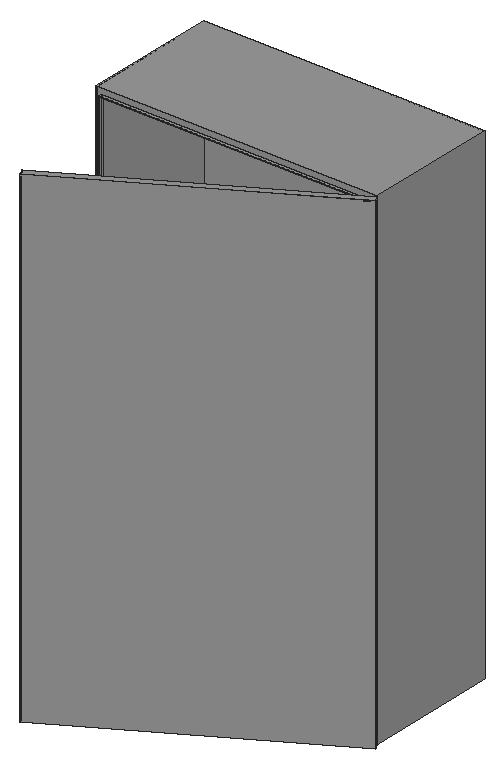
Revit family "Hager-Univers-IP55-D400-H1400-Cl.II-Steel_encl-NoHosted-BE-en", category Equipement électrique, Revit 2020
Family settings
  Configuration du panneau = Deux colonnes, circuits au sein
  Cote de connecteur circulaire = Utiliser le diamètre
  Type d'élément = Tableau de raccordement
  Basée sur le plan de construction = Oui
  Toujours verticalement = Oui
  Couper avec des vides une fois chargée = Non
  Partagée = Non
  Point de calcul de pièce = Non
Parameters (values of type "Surface mounted (plaster) IP55 W800 H1400 D400  - FR93H")
  Width Control [instance] = if([EF000008 - Width] > Min Width, [EF000008 - Width], Min Width)  # 800 mm
  Commentaires du type = [HG000003 - Range]  # "Univers"
  Thickness Door [instance] = if([EF009171 - Material plate thickness door/cover] > 3 mm, 3 mm, [EF009171 - Material plate thickness door/cover])  # 1.5 mm
  Seal Frame Offset [instance] = 17 mm  # constant formula
  Plinth Visibility [instance] = [HG000027 - Plinth height] > 0 mm  # no
  Min Width [instance] = 100 mm  # constant formula
  Min Depth [instance] = (2 * [EF009170 - Material plate thickness cabinet]) + 1 mm  # 4 mm
  Min Height [instance] = 100 mm  # constant formula
  Internal Frame Depth [instance] = (Door System Depth * 0.5)  # 9 mm
  Panel Name [instance] = ""  # (empty or 0)
  Model = ""
  HG000027 - Plinth height = 0 mm
  HG000026 - Floor standing = no
  HG000024 - Bottom section height = 600 mm
  HG000023 - Double section enclosure = no
  HG000016 - Door 3d visibility [instance] = yes
  HG000015 - Clearance visibility [instance] = no
  HG000014 - Door on the right [instance] = yes
  HG000013 - Door on the left [instance] = not([HG000014 - Door on the right])  # no
  HG000012 - Door swing angle [instance] = 30.00°
  HG000010 - Asymmetric doors = no
  HG000009 - Double swing door = no
  HG000006 - Flush mounted = no
  HG000004 - Manufacturer reference = "FR93H"
  HG000003 - Range = "Univers"
  HG000002 - With door or cover = yes
  Frame Offset Bottom [instance] = 10 mm  # constant formula
  Frame Offset [instance] = 15 mm  # constant formula
  EF015940 - Cover with overpressure release = no
  EF011959 - Degree of protection (NEMA) = ""
  EF009554 - Number of openings for flange plates = 6
  EF009212 - Cover model = "EV000116 - Closed"
  EF009171 - Material plate thickness door/cover = 1.5 mm
  EF009170 - Material plate thickness cabinet = 1.5 mm
  EF008873 - Nominal current (In) = 800 A
  EF007800 - Suitable for lightning protection = no
  EF006306 - With lock = no
  EF006244 - Transparent cover/door = no
  EF005474 - Degree of protection (IP) = "EV006420 - IP55"
  EF004464 - Type of door = "EV002646 - Single"
  EF004427 - Number of modules = 324
  EF004293 - Impact strength = "EV008784 - IK10"
  EF003532 - Suitable for outdoor use = no
  EF002950 - Width in number of modular spacings = 24
  EF001613 - Circuit integrity = "EV000494 - None"
  EF001596 - Material housing = "EV000179 - Steel"
  EF001131 - Internal depth = 400 mm
  EF001088 - Extension possible = yes
  EF000437 - Number of conduit inlets = 6
  EF000339 - Type of cover = "EV004216 - Door"
  EF000266 - Number of rows = 9
  EF000218 - Built-in depth = 0 mm
  EF000118 - With mounting plate = no
  EF000116 - RAL-number = "7035"
  EF000049 - Depth = 400 mm
  EF000040 - Height = 1400 mm
  EF000008 - Width = 800 mm
  EF000007 - Colour = "EV000270 - Grey"
  EF000003 - Mounting method = "EV000384 - Surface mounted (plaster)"
  Door System Leaf Tolerance [instance] = 1.5 mm  # constant formula
  Door System Depth [instance] = 18 mm  # constant formula
  Door Height [instance] = Height Control - [HG000027 - Plinth height]  # 1400 mm
  Description = ""
  Default Elevation = 1219.2 mm
  Connector Offset [instance] = Height Control / 2  # 700 mm
  Fabricant = "Hager"  # constant formula
  Height Control [instance] = if([EF000040 - Height] > Min Height, [EF000040 - Height], Min Height)  # 1400 mm
  Depth Control [instance] = if([EF000049 - Depth] > Min Depth, [EF000049 - Depth], Min Depth)  # 400 mm
  Bottom Top Plate Trim [instance] = 1.5 mm  # constant formula
  Plinth height Ctrl [instance] = if([HG000027 - Plinth height] > 0 mm, [HG000027 - Plinth height], 12 mm)  # 12 mm
Types (3, lengths in mm): name | Width Control | HG000009 - Double swing door | HG000004 - Manufacturer reference | EF009554 - Number of openings for flange plates | EF004464 - Type of door | EF004427 - Number of modules | EF000437 - Number of conduit inlets | EF000008 - Width
  Surface mounted (plaster) IP55 W1050 H1400 D400  - FR94H | 1050 | yes | "FR94H" | 8 | "EV003602 - Double" | 432 | 8 | 1050
  Surface mounted (plaster) IP55 W550 H1400 D400  - FR92H | 550 | no | "FR92H" | 4 | "EV002646 - Single" | 216 | 4 | 550
  Surface mounted (plaster) IP55 W800 H1400 D400  - FR93H | 800 | no | "FR93H" | 6 | "EV002646 - Single" | 324 | 6 | 800
Reference planes
  plane 1 "Center (Front/Back)": y = 0
  plane 2: z = 0
  plane 3 "Center (Left/Right)": x = 0
  plane 4: y = 0
  plane 5: y = 0
  plane 6: z = 0
  plane 7: x = -400
  plane 8: x = 400
  plane 9: x = 398.5
  plane 10: x = -398.5
  plane 11: z = 0
  plane 12: z = 1.5
  plane 13: y = -400
  plane 14: y = -1.5
  plane 15: x = 0
  plane 16: y = -382
  plane 17: y = -398.5
  plane 18: y = -380.5
  plane 19: x = -383.5
  plane 20: x = 383.5
  plane 21: z = 11.5
  plane 22: x = -383
  plane 23: x = 383
  plane 24: z = 0
  plane 25: z = 1400
  plane 26: z = 1400
  plane 27: z = 1383.5
  plane 28: z = 1398.5
Forms (mm)
  Extrusion 1, solid, material "Hager_Steel_RAL7035_Light_Grey", detail levels medium+fine
    sketch origin (-208.679, -4572, 0) x (-1, 0, 0) y (0, -1, 0)
      loop
        line (191.321, -4190) -> (-608.679, -4190) -> (-608.679, -4572) -> (191.321, -4572) -> (191.321, -4190)
    from 0 to 1400
  Extrusion 2, void
    sketch origin (-350.771, -400, 1219.2) x (1, 0, 0) y (0, 0, 1)
      loop
        line (-47.729, 179.3) -> (-47.729, -1217.7) -> (749.271, -1217.7) -> (749.271, 179.3) -> (-47.729, 179.3)
    from -19.5 to -398.5
  Extrusion 3, void
    sketch origin (-290.084, -382, 1219.2) x (1, 0, 0) y (0, 0, 1)
      loop
        line (-93.416, -1207.7) -> (673.584, -1207.7) -> (673.584, 164.3) -> (-93.416, 164.3) -> (-93.416, -1207.7)
    from 0 to -1.5
  Extrusion 4, solid, material "Hager_Steel_RAL7035_Light_Grey", visible <- "Plinth Visibility", detail levels medium+fine
    sketch origin (0, 0, 0) x (1, 0, 0) y (0, 1, 0)
      loop
        line (-400, 0) -> (-400, -382) -> (400, -382) -> (400, 0) -> (-400, 0)
    from 0 to 12 <- "Plinth height Ctrl"
  Extrusion 5, solid, material "Hager_Steel_RAL7035_Light_Grey", detail levels coarse
    sketch origin (0, 0, 0) x (1, 0, 0) y (0, 1, 0)
      loop
        line (-400, 0) -> (-400, -400) -> (400, -400) -> (400, 0) -> (-400, 0)
    from 0 to 1400 <- "Height Control"
  Sweep 6, void
    path in 3D
      loop
        line (-400, -382, 12) -> (400, -382, 12) -> (400, 0, 12) -> (-400, 0, 12) -> (-400, -382, 12)
    profile origin (-400, -191, 12) x (1, 0, 0) y (0, 0, 1)
      loop
        line (0, 0) -> (0, -1.5) -> (1.5, -1.5)
        arc (1.5, -1.5) -> (1.061, -0.439) -> (0, 0) r 1.5
  Extrusion 7, solid, material "Hager_Steel_RAL7035_Light_Grey", detail levels fine
    sketch origin (-400, -382, 0) x (1, 0, 0) y (0, 0, 1)
      loop
        line (16.5, 11.5) -> (783.5, 11.5) -> (783.5, 1383.5) -> (16.5, 1383.5) -> (16.5, 11.5)
      loop
        line (15, 10) -> (785, 10) -> (785, 1385) -> (15, 1385) -> (15, 10)
    from 0 to 9 <- "Internal Frame Depth"
Cuts and joins
  Extrusion 2, Extrusion 3 cuts Extrusion 1
  Sweep 6 cuts Extrusion 4
Lines and regions (mm)
  Masking region 1
    outline origin (0, 0, 0) x (1, 0, 0) y (0, 1, 0)
      loop
        line (-400, 0) -> (-400, -400) -> (400, -400) -> (400, 0) -> (-400, 0)
  Masking region 2, detail levels coarse
    outline origin (-290.084, -382, 1219.2) x (-1, 0, 0) y (0, 0, 1)
      loop
        line (-690.084, -1219.2) -> (109.916, -1219.2) -> (109.916, 180.8) -> (-690.084, 180.8) -> (-690.084, -1219.2)
  Masking region 3, detail levels coarse
    outline origin (0, 0, 0) x (0, 1, 0) y (0, 0, 1)
      loop
        line (0, 0) -> (0, 1400) -> (-400, 1400) -> (-400, 0) -> (0, 0)
  Masking region 4, visible <- "Plinth Visibility", detail levels medium+fine
    outline origin (0, 0, 0) x (0, 1, 0) y (0, 0, 1)
      loop
        line (-1.5, 12) -> (-380.5, 12)
        arc (-380.5, 12) -> (-380.939, 10.939) -> (-382, 10.5) r 1.5
        line (-382, 10.5) -> (-382, 0) -> (0, 0) -> (0, 10.5)
        arc (0, 10.5) -> (-1.061, 10.939) -> (-1.5, 12) r 1.5
  Masking region 5, detail levels medium+fine
    outline origin (0, 0, 594.038) x (0, 1, 0) y (0, 0, 1)
      loop
        line (0, -594.038) -> (0, 805.962) -> (-382, 805.962) -> (-382, -594.038) -> (0, -594.038)
  Masking region 6, detail levels medium+fine
    outline origin (-359.7, -382, 1211.883) x (-1, 0, 0) y (0, 0, 1)
      loop
        line (-759.7, -1211.883) -> (40.3, -1211.883) -> (40.3, 188.117) -> (-759.7, 188.117) -> (-759.7, -1211.883)
  Masking region 7, visible <- "Plinth Visibility", detail levels medium+fine
    outline origin (-320.334, -382, 1041.368) x (-1, 0, 0) y (0, 0, 1)
      loop
        line (-720.334, -1041.368) -> (79.666, -1041.368) -> (79.666, -1030.868)
        arc (79.666, -1030.868) -> (78.606, -1030.429) -> (78.166, -1029.368) r 1.5
        line (78.166, -1029.368) -> (-718.834, -1029.368)
        arc (-718.834, -1029.368) -> (-719.273, -1030.429) -> (-720.334, -1030.868) r 1.5
        line (-720.334, -1030.868) -> (-720.334, -1041.368)
  sketch lines
    curve 1: line (-400, 0, 12) -> (-400, -382, 12)
    curve 2: line (-400, -382, 12) -> (400, -382, 12)
    curve 3: line (400, 0, 12) -> (-400, 0, 12)
    curve 4: line (400, -382, 12) -> (400, 0, 12)
Dimensions and locks
  locked: plane 1 "Center (Front/Back)" to plane 5
  "EF009170 - Material plate thickness cabinet": plane 7 to plane 10
  "EF009170 - Material plate thickness cabinet": plane 8 to plane 9
  equal spacing: plane 7, plane 3 "Center (Left/Right)", plane 8
  "Width Control": plane 7 to plane 8
  "Depth Control": plane 4 to plane 13
  "EF009170 - Material plate thickness cabinet": plane 4 to plane 14
  "Height Control": plane 25 to level
  "HG000027 - Plinth height": plane 11 to level
  "EF009170 - Material plate thickness cabinet": plane 12 to plane 11
  "EF009170 - Material plate thickness cabinet": plane 17 to plane 13
  "EF009170 - Material plate thickness cabinet": plane 18 to plane 16
  "Frame Offset Bottom": plane 21 to plane 12
  "Frame Offset": plane 10 to plane 19
  "Frame Offset": plane 9 to plane 20
  "Door System Depth": plane 16 to plane 13
  "Seal Frame Offset": plane 7 to plane 22
  "Seal Frame Offset": plane 8 to plane 23
  "EF009170 - Material plate thickness cabinet": plane 26 to plane 28
  "Frame Offset": plane 28 to plane 27
  "Connector Offset": plane 2 to connector elem
  "Bottom Top Plate Trim": profile plane to Sweep 6 sketch curve
  "Bottom Top Plate Trim": Sweep 6 sketch curve to Sweep 6 sketch curve
  "Plinth height Ctrl": Masking region 4 sketch curve to level
  "Plinth height Ctrl": Masking region 7 sketch curve to level
  "Thickness Door": Extrusion 7 sketch curve to Extrusion 7 sketch curve  (x4)
  "Bottom Top Plate Trim": radius of Sweep 6 sketch curve
  "Bottom Top Plate Trim": radius of Masking region 4 sketch curve  (x2)
  "Bottom Top Plate Trim": radius of Masking region 7 sketch curve  (x2)
  aligned and locked: Extrusion 2 sketch curve to plane 12
  aligned and locked: Extrusion 2 sketch curve to plane 9
  aligned and locked: Extrusion 2 sketch curve to plane 10
  aligned and locked: Extrusion 2 to plane 14
  aligned and locked: Extrusion 1 sketch curve to plane 4
  aligned and locked: plane 8 to Extrusion 1 sketch curve
  aligned and locked: plane 7 to Extrusion 1 sketch curve
  aligned and locked: Extrusion 2 to plane 18
  aligned and locked: Extrusion 3 sketch curve to plane 19
  aligned and locked: plane 20 to Extrusion 3 sketch curve
  aligned and locked: Extrusion 3 to Extrusion 2
  aligned and locked: Extrusion 3 sketch curve to plane 21
  aligned and locked: plane 3 "Center (Left/Right)" to nested 1
  aligned and locked: Extrusion 1 sketch curve to plane 16
  aligned and locked: Extrusion 4 sketch curve to cut or joined group of Extrusion 1, Extrusion 2, Extrusion 3
  aligned and locked: Masking region 1 sketch curve to plane 7
  aligned and locked: Masking region 1 sketch curve to plane 5
  aligned and locked: Masking region 1 sketch curve to plane 8
  aligned and locked: Masking region 2 sketch curve to level
  aligned and locked: level to Masking region 3 sketch curve
  aligned and locked: plane 1 "Center (Front/Back)" to Masking region 3 sketch curve
  aligned and locked: plane 13 to Masking region 3 sketch curve
  aligned and locked: plane 5 to Masking region 4 sketch curve
  aligned and locked: Masking region 2 sketch curve to plane 8
  aligned and locked: Masking region 2 sketch curve to plane 7
  aligned and locked: plane 7 to nested 2
  aligned and locked: nested 2 to plane 5
  aligned and locked: plane 5 to Masking region 5 sketch curve
  aligned and locked: plane 26 to Masking region 5 sketch curve
  aligned and locked: Extrusion 5 sketch curve to plane 8
  aligned and locked: Extrusion 5 sketch curve to plane 7
  aligned and locked: Extrusion 5 sketch curve to plane 5
  aligned and locked: Extrusion 3 sketch curve to plane 27
  aligned and locked: Extrusion 2 sketch curve to plane 28
  aligned and locked: Masking region 2 to plane 25
  aligned and locked: Extrusion 4 to plane 16
  aligned and locked: profile plane to Sweep 6 sketch curve
  aligned and locked: Masking region 5 sketch curve to plane 24
  aligned and locked: level to Masking region 4 sketch curve
  aligned and locked: Masking region 1 to plane 13
  aligned and locked: nested 1 to plane 16
  aligned and locked: Masking region 3 to plane 25
  aligned and locked: plane 16 to Masking region 4 sketch curve
  aligned and locked: Masking region 5 sketch curve to plane 16
  aligned and locked: plane 24 to plane 11
  aligned and locked: plane 26 to plane 25
  aligned and locked: plane 26 to cut or joined group of Extrusion 1, Extrusion 2, Extrusion 3
  aligned and locked: nested 1 to plane 24
  aligned and locked: Extrusion 1 to Extrusion 3
  aligned and locked: Masking region 6 sketch curve to plane 8
  aligned and locked: Masking region 6 sketch curve to plane 24
  aligned and locked: Masking region 6 sketch curve to plane 7
  aligned and locked: Masking region 6 sketch curve to plane 26
  aligned and locked: Masking region 7 sketch curve to plane 7
  aligned and locked: level to Masking region 7 sketch curve
  aligned and locked: Masking region 7 sketch curve to plane 8
  aligned and locked: Extrusion 7 sketch curve to cut or joined group of Extrusion 1, Extrusion 2, Extrusion 3  (x4)
Automatic sketch dimensions
  plane 19 to Extrusion 3 sketch curve = 0 mm
  Extrusion 3 sketch curve to plane 20 = 0 mm
  Extrusion 3 sketch curve to plane 21 = 0 mm
  Extrusion 4 sketch curve to plane 7 = 0 mm
  Extrusion 4 sketch curve to plane 8 = 0 mm
  Extrusion 4 sketch curve to plane 16 = 0 mm
  Masking region 1 sketch curve to plane 13 = 0 mm
  Masking region 2 sketch curve to plane 25 = 0 mm
  Masking region 3 sketch curve to plane 25 = 0 mm
  Extrusion 5 sketch curve to plane 13 = 0 mm
  profile plane to Sweep 6 sketch curve = 0 mm
Nested families
  nested 1: "EC000058_Univers_Door" at (0, -382, 0), Double <- "HG000009 - Double swing door", Transparent <- "EF006244 - Transparent cover/door", Angle <- "HG000012 - Door swing angle", Door_Right <- "HG000014 - Door on the right", Assymetrical <- "HG000010 - Asymmetric doors", Door <- "HG000002 - With door or cover", Width_Ctrl <- "Width Control", 3d_Door <- "HG000016 - Door 3d visibility", Clearance <- "HG000015 - Clearance visibility", Door_Left <- "HG000013 - Door on the left", Width <- "Width Control", Door_Depth <- "Door System Depth", Leaf_Tolerance <- "Door System Leaf Tolerance", Height <- "Door Height", Lock_Visibility <- "EF006306 - With lock", Thickness <- "Thickness Door", type "EC000058_Univers_Door", detail levels medium+fine
    with min_wh 4 mm, Width_Ctrl 800 mm, Width 800 mm, Transparent no, Thickness 1.5 mm, Seal_Material Hager_Rubber, Lock_Visibility no, Lock_Material Hager_Plastic_RAL9005_Jet_Black, Leaf_Width 800 mm, Leaf_Tolerance_External_Sides 0 mm, Leaf_Tolerance 1.5 mm, Leaf_Offset 0 mm, Leaf_Height 1397 mm, Leaf_2_Width 800 mm, Leaf_2_Offset 400 mm, Leaf_1_Width 800 mm, Leaf_1_Offset 400 mm, Height_Ctrl 1400 mm, Height 1400 mm, Glass_Material Hager_Glass, Double_Clearance_Ctrl no, Double no, Door_Right_Ctrl yes, Door_Right yes, Door_Material Hager_Steel_RAL7035_Light_Grey, Door_Left_Ctrl no, Door_Left no, Door_Depth 18 mm, Door yes, Clearance_Material Hager_Clearance, Clearance_Depth 800 mm, Clearance_Ctrl no, Clearance no, Assymetrical no, Angle 30.00°, 3d_Door yes
  nested 2: "Hager_Enclosure_Symbol" at (-400, 0, 0), Height <- "Depth Control", Width <- "Width Control", type "Hager_Enclosure_Symbol"
    with Width_Ctrl 800 mm, Width 800 mm, Height_Ctrl 400 mm, Height 400 mm, A_Width_Int 26.25 mm, A_Width 315 mm, A_Height_Ctrl 350 mm, A_Height 350 mm
Connectors
  electrical at (0, 0, 700)
    settings: on plane 1 "Center (Front/Back)", index 1, voltage 0 V, apparent load 0 VA, apparent load phase1 0 VA, apparent load phase2 0 VA, apparent load phase3 0 VA, power factor 1, load classification "Other", number of poles 1, system type 30, power factor state 1, is connector primary yes, connector utility no, sub classification motor no, connector description ""
Definition of nested family "EC000058_Univers_Door"
  Parameters (values of type "EC000058_Univers_Door")
    min_wh [instance] = (2 * Thickness) + 1 mm  # 11 mm
    Width_Ctrl [instance] = 400 mm
    Width [instance] = 500 mm
    Transparent [instance] = yes
    Thickness [instance] = 5 mm
    Seal_Material [instance] = none
    Lock_Visibility [instance] = yes
    Lock_Material [instance] = none
    Leaf_Width [instance] = if((Width_Ctrl - 2 * Leaf_Tolerance_External_Sides) > 0 mm, (Width_Ctrl - 2 * Leaf_Tolerance_External_Sides), min_wh)  # 400 mm
    Leaf_Tolerance_External_Sides [instance] = 0 mm  # constant formula
    Leaf_Tolerance [instance] = 1.5 mm
    Leaf_Offset [instance] = 0 mm  # constant formula
    Leaf_Height [instance] = if((Height_Ctrl - 2 * Leaf_Tolerance) > 0 mm, (Height_Ctrl - 2 * Leaf_Tolerance), min_wh)  # 497 mm
    Leaf_2_Width [instance] = if(and(and(Double, Assymetrical), Door_Left), (Leaf_Width / 3) - (Leaf_Tolerance / 2), if(and(and(Double, Assymetrical), Door_Right), (Leaf_Width / 3) * 2 - (Leaf_Tolerance / 2), if(and(Double, not(Assymetrical)), (Leaf_Width / 2) - Leaf_Tolerance, Leaf_Width)))  # 400 mm
    Leaf_2_Offset [instance] = if(and(Double, Assymetrical), Leaf_2_Width / 2, if(and(Double, not(Assymetrical)), Leaf_Width / 4, Leaf_Width / 2))  # 200 mm
    Leaf_1_Width [instance] = if(and(and(Double, Assymetrical), Door_Right), (Leaf_Width / 3) - (Leaf_Tolerance / 2), if(and(and(Double, Assymetrical), Door_Left), (Width / 3) * 2 - (Leaf_Tolerance / 2), if(and(Double, not(Assymetrical)), (Leaf_Width / 2) - Leaf_Tolerance, Leaf_Width)))  # 400 mm
    Leaf_1_Offset [instance] = if(and(Double, Assymetrical), Leaf_1_Width / 2, if(and(Double, not(Assymetrical)), Leaf_Width / 4, Leaf_Width / 2))  # 200 mm
    Height_Ctrl [instance] = if(Height > min_wh, Height, min_wh)  # 500 mm
    Height [instance] = 500 mm
    Glass_Material [instance] = none
    Double_Clearance_Ctrl [instance] = and(Double, Clearance)  # no
    Double [instance] = no
    Door_Right_Ctrl [instance] = and(or(Door_Right, Double), Door)  # yes
    Door_Right [instance] = yes
    Door_Material [instance] = none
    Door_Left_Ctrl [instance] = and(or(Door_Left, Double), Door)  # no
    Door_Left [instance] = no
    Door_Depth [instance] = 30 mm
    Door [instance] = yes
    Default Elevation = 1219.2 mm
    Clearance_Material [instance] = none
    Clearance_Depth [instance] = if(Leaf_1_Width > Leaf_2_Width, Leaf_1_Width, Leaf_2_Width)  # 400 mm
    Clearance_Ctrl [instance] = and(not(Double), Clearance)  # yes
    Clearance [instance] = yes
    Assymetrical [instance] = yes
    Angle [instance] = 30.00°
    3d_Door [instance] = yes
  Reference planes
    plane 1 "Center (Front/Back)": y = 0
    plane 2 "Bottom": z = 0
    plane 3 "Center (Left/Right)": x = 0
    plane 4: z = 500
    plane 5: x = -200
    plane 6: x = 200
    plane 7: z = 500
    plane 8: x = -200
    plane 9: z = 0
    plane 10: x = 200
    plane 11: y = 0
    plane 12: z = 1.5
    plane 13: x = -600
    plane 14: y = -400
    plane 15: x = 600
    plane 16: x = 0
    plane 17: x = 0
    plane 18: x = -200
    plane 19: x = 200
    plane 20: z = 498.5
  Forms (mm)
    Extrusion 1, solid, material <- "Clearance_Material", visible <- "Double_Clearance_Ctrl"
      sketch origin (1200, 0, 0) x (1, 0, 0) y (0, 0, -1)
        loop
          line (-1800, -498.5) -> (-600, -498.5) -> (-600, 0) -> (-1800, 0) -> (-1800, -498.5)
      from 0 to -400
  Dimensions and locks
    equal spacing: plane 5, plane 3 "Center (Left/Right)", plane 6
    "Width_Ctrl": plane 5 to plane 6
    "Leaf_Offset": plane 5 to plane 8
    "Leaf_Offset": plane 6 to plane 10
    "Leaf_Offset": plane 9 to level
    "Leaf_Offset": plane 4 to plane 7
    "Height_Ctrl": plane 4 to level
    "Leaf_Tolerance": plane 12 to plane 9
    locked: plane 11 to plane 1 "Center (Front/Back)"
    "Leaf_1_Offset": plane 18 to plane 16
    "Leaf_2_Offset": plane 17 to plane 19
    "Leaf_1_Width": plane 13 to plane 8
    "Leaf_2_Width": plane 10 to plane 15
    "Clearance_Depth": plane 14 to plane 1 "Center (Front/Back)"
    "Leaf_Tolerance_External_Sides": plane 8 to plane 18
    "Leaf_Tolerance_External_Sides": plane 19 to plane 10
    "Leaf_Tolerance": plane 7 to plane 20
    aligned and locked: level to plane 2 "Bottom"
    aligned and locked: nested 1 to plane 16
    aligned and locked: nested 2 to plane 17
    aligned and locked: Extrusion 1 to plane 13
    aligned and locked: plane 15 to Extrusion 1
    aligned and locked: Extrusion 1 to plane 14
    aligned and locked: plane 12 to nested 1
    aligned and locked: nested 2 to plane 12
    aligned and locked: Extrusion 1 to plane 11
    aligned and locked: plane 20 to Extrusion 1
    aligned and locked: nested 2 to plane 11
    aligned and locked: nested 1 to plane 11
  Automatic sketch dimensions
    Extrusion 1 sketch curve to level = 0 mm
    plane 5 to Extrusion 1 sketch curve = 400 mm
    plane 6 to Extrusion 1 sketch curve = 400 mm
    Extrusion 1 sketch curve to plane 4 = 1.5 mm
  Nested families
    nested 1: "EC000058_Univers_Door_Leaf" at (0, 0, 1.5), Width <- "Leaf_1_Width", visible <- "Door_Left_Ctrl", Leaf_Height <- "Leaf_Height", Angle <- "Angle", 3d_Door <- "3d_Door", Transparent <- "Transparent", Clearance Material <- "Clearance_Material", Clearance <- "Clearance_Ctrl", Door_Material <- "Door_Material", Glass_Material <- "Glass_Material", Door_Depth <- "Door_Depth", Lock_Material <- "Lock_Material", Seal_Material <- "Seal_Material", Lock_Visibility <- "Lock_Visibility", Thickness <- "Thickness", type "EC000058_Univers_Door_Leaf"
      with Width 400 mm, Transparent_Glass_Offset 30 mm, Transparent_Ctrl yes, Transparent yes, Thickness 5 mm, Standard no, Seal_Material none, Seal_D2 8 mm, Seal_D1 1 mm, Offset_Internal_Frame 10 mm, Lock_Width 20 mm, Lock_Visibility_3d yes, Lock_Visibility yes, Lock_Thickness_3 3 mm, Lock_Thickness_2 1 mm, Lock_Thickness_1 3 mm, Lock_Radius_Offset_2 16 mm, Lock_Radius_Offset_1 15 mm, Lock_Radius_2 5 mm, Lock_Radius 6 mm, Lock_Offset 5 mm, Lock_Material none, Lock_Height 80 mm, Lock_Cover_Top_Offset_2d 17 mm, Lock_Cover_Height -65 mm, Leaf_Height 497 mm, Internal_Seal_Thickness 8 mm, Internal_Seal_Depth_2 4.5 mm, Internal_Frame_Depth 25 mm, Glass_Thickness -1 mm, Glass_Offset -2 mm, Glass_Material none, Door_Material none, Door_Depth 30 mm, Clearance Material none, Clearance yes, Angle_Ctrl 30.00°, Angle 30.00°, 3d_Door yes
    nested 2: "EC000058_Univers_Door_Leaf" at (0, 0, 1.5) x (-1, 0, 0) z (0, 0, 1), Width <- "Leaf_2_Width", visible <- "Door_Right_Ctrl", Leaf_Height <- "Leaf_Height", Angle <- "Angle", 3d_Door <- "3d_Door", Transparent <- "Transparent", Clearance Material <- "Clearance_Material", Clearance <- "Clearance_Ctrl", Door_Material <- "Door_Material", Glass_Material <- "Glass_Material", Door_Depth <- "Door_Depth", Lock_Material <- "Lock_Material", Seal_Material <- "Seal_Material", Lock_Visibility <- "Lock_Visibility", Thickness <- "Thickness", type "EC000058_Univers_Door_Leaf"
      with Width 400 mm, Transparent_Glass_Offset 30 mm, Transparent_Ctrl yes, Transparent yes, Thickness 5 mm, Standard no, Seal_Material none, Seal_D2 8 mm, Seal_D1 1 mm, Offset_Internal_Frame 10 mm, Lock_Width 20 mm, Lock_Visibility_3d yes, Lock_Visibility yes, Lock_Thickness_3 3 mm, Lock_Thickness_2 1 mm, Lock_Thickness_1 3 mm, Lock_Radius_Offset_2 16 mm, Lock_Radius_Offset_1 15 mm, Lock_Radius_2 5 mm, Lock_Radius 6 mm, Lock_Offset 5 mm, Lock_Material none, Lock_Height 80 mm, Lock_Cover_Top_Offset_2d 17 mm, Lock_Cover_Height -65 mm, Leaf_Height 497 mm, Internal_Seal_Thickness 8 mm, Internal_Seal_Depth_2 4.5 mm, Internal_Frame_Depth 25 mm, Glass_Thickness -1 mm, Glass_Offset -2 mm, Glass_Material none, Door_Material none, Door_Depth 30 mm, Clearance Material none, Clearance yes, Angle_Ctrl 30.00°, Angle 30.00°, 3d_Door yes
  Definition of nested family "EC000058_Univers_Door_Leaf"
    Parameters (values of type "EC000058_Univers_Door_Leaf")
      Width [instance] = 2000 mm
      Transparent_Glass_Offset [instance] = 30 mm
      Transparent_Ctrl [instance] = and(Transparent, [3d_Door])  # yes
      Transparent [instance] = yes
      Thickness [instance] = 5 mm
      Standard [instance] = and(not(Transparent), [3d_Door])  # no
      Seal_Material [instance] = none
      Seal_D2 [instance] = 8 mm  # constant formula
      Seal_D1 [instance] = 1 mm  # constant formula
      Offset_Internal_Frame [instance] = 10 mm  # constant formula
      Lock_Width [instance] = 20 mm  # constant formula
      Lock_Visibility_3d [instance] = and(Lock_Visibility, [3d_Door])  # yes
      Lock_Visibility [instance] = yes
      Lock_Thickness_3 [instance] = 3 mm  # constant formula
      Lock_Thickness_2 [instance] = 1 mm  # constant formula
      Lock_Thickness_1 [instance] = 3 mm  # constant formula
      Lock_Radius_Offset_2 [instance] = Lock_Radius_Offset_1 + 1 mm  # 16 mm
      Lock_Radius_Offset_1 [instance] = 15 mm  # constant formula
      Lock_Radius_2 [instance] = Lock_Radius - 1 mm  # 5 mm
      Lock_Radius [instance] = 6 mm  # constant formula
      Lock_Offset [instance] = 5 mm  # constant formula
      Lock_Material [instance] = none
      Lock_Height [instance] = 80 mm  # constant formula
      Lock_Cover_Top_Offset_2d [instance] = Lock_Radius_Offset_2 + 1 mm  # 17 mm
      Lock_Cover_Height [instance] = -(Lock_Height - Lock_Radius_Offset_1)  # -65 mm
      Leaf_Height [instance] = 2720.336 mm
      Internal_Seal_Thickness [instance] = 8 mm  # constant formula
      Internal_Seal_Depth_2 [instance] = 4.5 mm  # constant formula
      Internal_Frame_Depth [instance] = if(Door_Depth - Thickness > 5 mm, Door_Depth - Thickness, 5 mm)  # 25 mm
      Glass_Thickness [instance] = if(Thickness > 15 mm, Glass_Offset + 10 mm, -1 mm)  # -1 mm
      Glass_Offset [instance] = if(Thickness > 15 mm, -(Thickness + 10 mm) / 2, -2 mm)  # -2 mm
      Glass_Material [instance] = none
      Door_Material [instance] = none
      Door_Depth [instance] = 30 mm
      Default Elevation = 0 mm
      Clearance Material [instance] = none
      Clearance [instance] = yes
      Angle_Ctrl [instance] = if(Angle > 180.00°, 180.00°, Angle)  # 90.00°
      Angle [instance] = 90.00°
      3d_Door [instance] = yes
    Reference planes
      plane 1 "Center (Front/Back)": y = 0
      plane 2: z = 0
      plane 3 "Center (Left/Right)": x = 0
      plane 4: y = 2000
      plane 5: x = -1000
      plane 6: x = 1000
      plane 7: x = -3000
      plane 8: z = 2720.336
      plane 9: z = 30
      plane 10: z = 2690.336
      plane 11: x = 970
      plane 12: x = -970
      plane 13: y = -3
      plane 14: z = 107.833
      plane 15: y = -5
      plane 16: y = -223.314
      plane 17: x = -1000
      plane 18: z = 1360.168
      plane 19: y = 30
    Forms (mm)
      Extrusion 1, solid, material <- "Clearance Material", visible <- "Clearance"
        sketch origin (0, 0, 0) x (1, 0, 0) y (0, 0, 1)
          loop
            line (-3000, 2720.336) -> (-3000, 0) -> (1000, 0) -> (1000, 2720.336) -> (-3000, 2720.336)
        from 0 to -2000
      Extrusion 2, solid, material <- "Door_Material", visible <- "Standard", detail levels medium+fine
        sketch origin (-1000, 0, 0) x (0, 1, 0) y (-1, 0, 0)
          loop
            line (0, 30) -> (0, 25) -> (2000, 25) -> (2000, 30) -> (0, 30)
        from 0 to 2720.336 <- "Leaf_Height"
      Extrusion 3, solid, material <- "Door_Material", visible <- "Transparent_Ctrl", detail levels medium+fine
        sketch origin (-1000, 0, 0) x (0, 1, 0) y (-1, 0, 0)
          loop
            line (0, 25) -> (2000, 25) -> (2000, 30) -> (0, 30) -> (0, 25)
        from 0 to 2720.336 <- "Leaf_Height"
      Extrusion 4, void
        sketch origin (-1025, 2000, 0) x (0, 1, 0) y (0, 0, -1)
          loop
            line (-30, -2690.336) -> (-30, -30) -> (-1970, -30) -> (-1970, -2690.336) -> (-30, -2690.336)
        from 0 to 5 <- "Thickness"
      Sweep 5, solid, material <- "Seal_Material", visible <- "Transparent_Ctrl", detail levels fine
        path in 3D
          loop
            line (-1025, 30, 30) -> (-1025, 30, 2690.336) -> (-1025, 1970, 2690.336) -> (-1025, 1970, 30) -> (-1025, 30, 30)
        profile origin (-1025, 1000, 30) x (1, 0, 0) y (0, 0, 1)
          loop
            line (0, 0) -> (0, -8) -> (1, -8) -> (1, 0) -> (0, 0)
      Extrusion 6, solid, material <- "Glass_Material", visible <- "Transparent_Ctrl", detail levels medium+fine
        sketch origin (-1030, 0, 0) x (0, 1, 0) y (0, 0, -1)
          loop
            line (1970, -2690.336) -> (1970, -30) -> (30, -30) -> (30, -2690.336) -> (1970, -2690.336)
        from -2 <- "Glass_Offset" to -1 <- "Glass_Thickness"
      Extrusion 7, solid, material <- "Door_Material", visible <- "3d_Door", detail levels medium+fine
        sketch origin (-1025, 2000, 0) x (0, -1, 0) y (0, 0, -1)
          loop
            line (0, -2720.336) -> (2000, -2720.336) -> (2000, 0) -> (0, 0) -> (0, -2720.336)
          loop
            line (1995, -5) -> (5, -5) -> (5, -2715.336) -> (1995, -2715.336) -> (1995, -5)
        from 0 to 25 <- "Internal_Frame_Depth"
      Sweep 8, solid, material <- "Seal_Material", visible <- "Transparent_Ctrl", detail levels fine
        path in 3D
          loop
            line (-1025, 0, 0) -> (-1025, 2000, 0) -> (-1025, 2000, 2720.336) -> (-1025, 0, 2720.336) -> (-1025, 0, 0)
        profile origin (-1025, 0, 1360.168) x (1, 0, 0) y (0, 1, 0)
          loop
            line (0, 10) -> (2.975, 10)
            arc (2.975, 10) -> (4.053, 10.447) -> (4.5, 11.525) r 1.525
            line (4.5, 11.525) -> (4.5, 16.527)
            arc (4.5, 16.527) -> (4.069, 17.569) -> (3.027, 18) r 1.473
            line (3.027, 18) -> (0, 18) -> (0, 10)
      Extrusion 9, solid, material <- "Lock_Material", visible <- "Lock_Visibility_3d", detail levels fine
        sketch origin (-1030, 0, 0) x (0, 1, 0) y (0, 0, -1)
          loop
            arc (1993.5, -1400.168) -> (1994.561, -1399.729) -> (1995, -1398.668) r 1.5
            line (1995, -1398.668) -> (1995, -1320.168) -> (1975, -1320.168) -> (1975, -1398.668)
            arc (1975, -1398.668) -> (1975.439, -1399.729) -> (1976.5, -1400.168) r 1.5
            line (1976.5, -1400.168) -> (1993.5, -1400.168)
        from 3 <- "Lock_Thickness_1" to 0
      Blend 10, solid, material <- "Lock_Material", visible <- "Lock_Visibility_3d", detail levels fine
        base sketch origin (-1033, 0, 0) x (0, 1, 0) y (0, 0, -1)
          loop
            line (1975, -1320.168) -> (1975, -1398.668)
            arc (1975, -1398.668) -> (1975.439, -1399.729) -> (1976.5, -1400.168) r 1.5
            line (1976.5, -1400.168) -> (1993.5, -1400.168)
            arc (1993.5, -1400.168) -> (1994.561, -1399.729) -> (1995, -1398.668) r 1.5
            line (1995, -1398.668) -> (1995, -1320.168) -> (1975, -1320.168)
        top sketch origin (-1033, 0, 0) x (0, 1, 0) y (0, 0, -1)
          loop
            line (1976, -1320.168) -> (1976, -1398.668)
            arc (1976, -1398.668) -> (1976.146, -1399.022) -> (1976.5, -1399.168) r 0.5
            line (1976.5, -1399.168) -> (1993.5, -1399.168)
            arc (1993.5, -1399.168) -> (1993.854, -1399.022) -> (1994, -1398.668) r 0.5
            line (1994, -1398.668) -> (1994, -1320.168) -> (1976, -1320.168)
        from 0 to 1 <- "Lock_Thickness_2"
      Blend 11, solid, material <- "Lock_Material", visible <- "Lock_Visibility_3d", detail levels fine
        base sketch origin (-1034, 0, 0) x (0, 1, 0) y (0, 0, -1)
          loop
            line (1978, -1320.168) -> (1978, -1384.168)
            arc (1978, -1384.168) -> (1985, -1391.168) -> (1992, -1384.168) r 7
            line (1992, -1384.168) -> (1992, -1320.168) -> (1978, -1320.168)
        top sketch origin (-1034, 0, 0) x (0, 1, 0) y (0, 0, -1)
          loop
            line (1991, -1320.168) -> (1979, -1320.168) -> (1979, -1383.168)
            arc (1979, -1383.168) -> (1985, -1389.168) -> (1991, -1383.168) r 6
            line (1991, -1383.168) -> (1991, -1320.168)
        from 0 to 3 <- "Lock_Thickness_3"
      Extrusion 12, solid, material <- "Lock_Material", visible <- "Lock_Visibility_3d", detail levels fine
        sketch origin (-1030, 1975, 1320.168) x (1, 0, 0) y (0, -1, 0)
          loop
            line (-7, -19) -> (-7, -1) -> (0, -1) -> (0, 0) -> (-8, 0) -> (-8, -20) -> (0, -20) -> (0, -19) -> (-7, -19)
        from 0 to -65 <- "Lock_Cover_Height"
      Extrusion 13, void
        sketch origin (-1038, 1995, 1320.168) x (-1, 0, 0) y (0, 0, -1)
          loop
            line (-5, -65) -> (0, -65) -> (-5, -60) -> (-5, -65)
        from 0 to 20 <- "Lock_Width"
      Extrusion 14, void
        sketch origin (-1038, 1975, 1320.168) x (0, -1, 0) y (0, 0, -1)
          loop
            circle (-10, -15.995) r 6
          loop
            circle (-10, -15.995) r 5
        from 0 to 2
      Extrusion 15, solid, material <- "Lock_Material", visible <- "Lock_Visibility_3d", detail levels medium
        sketch origin (-1030, 0, 0) x (0, 1, 0) y (0, 0, -1)
          loop
            arc (1993.5, -1400.168) -> (1994.561, -1399.729) -> (1995, -1398.668) r 1.5
            line (1995, -1398.668) -> (1995, -1320.168) -> (1975, -1320.168) -> (1975, -1398.668)
            arc (1975, -1398.668) -> (1975.439, -1399.729) -> (1976.5, -1400.168) r 1.5
            line (1976.5, -1400.168) -> (1993.5, -1400.168)
        from 8 to 0
    Cuts and joins
      Extrusion 4 cuts Extrusion 3
      Extrusion 13, Extrusion 14 cuts Extrusion 9
      Extrusion 14 cuts Blend 11
      Extrusion 13, Extrusion 14 cuts Extrusion 12
      joined: Extrusion 9, Blend 10, Blend 11, Extrusion 12
      Extrusion 14 cuts Extrusion 15
    Lines and regions (mm)
      Masking region 1, visible <- "Lock_Visibility", detail levels fine
        outline origin (0, 0, 0) x (0, 1, 0) y (0, 0, 1)
          loop
            line (30, 1320.168) -> (33, 1320.168) -> (33, 1400.168) -> (30, 1400.168) -> (30, 1320.168)
      Masking region 2, visible <- "Lock_Visibility", detail levels fine
        outline origin (0, 3.143, 0) x (0, 1, 0) y (0, 0, 1)
          loop
            line (29.857, 1354.168) -> (30.857, 1354.168) -> (30.857, 1366.168) -> (29.857, 1366.168) -> (29.857, 1354.168)
      Masking region 3, detail levels medium+fine
        outline origin (0, 0, 0) x (0, 1, 0) y (0, 0, 1)
          loop
            line (0, 0) -> (30, 0) -> (30, 2720.336) -> (0, 2720.336) -> (0, 0)
      Masking region 4, detail levels medium+fine
        outline origin (0, 0, 0) x (1, 0, 0) y (0, 0, 1)
          loop
            line (-1000, 2720.336) -> (-1000, 0) -> (1000, 0) -> (1000, 2720.336) -> (-1000, 2720.336)
      Masking region 5, visible <- "Lock_Visibility", detail levels fine
        outline origin (-47.116, 0, 0) x (1, 0, 0) y (0, 0, 1)
          loop
            arc (1024.616, 1399.168) -> (1023.556, 1398.729) -> (1023.116, 1397.668) r 1.5
            line (1023.116, 1397.668) -> (1023.116, 1320.168) -> (1041.116, 1320.168) -> (1041.116, 1397.668)
            arc (1041.116, 1397.668) -> (1040.677, 1398.729) -> (1039.616, 1399.168) r 1.5
            line (1039.616, 1399.168) -> (1024.616, 1399.168)
      Masking region 6, visible <- "Lock_Visibility", detail levels medium+fine
        outline origin (-25, 0, 0) x (1, 0, 0) y (0, 0, 1)
          loop
            arc (1001.5, 1400.168) -> (1000.439, 1399.729) -> (1000, 1398.668) r 1.5
            line (1000, 1398.668) -> (1000, 1320.168) -> (1020, 1320.168) -> (1020, 1398.668)
            arc (1020, 1398.668) -> (1019.561, 1399.729) -> (1018.5, 1400.168) r 1.5
            line (1018.5, 1400.168) -> (1001.5, 1400.168)
      Masking region 7, visible <- "Lock_Visibility", detail levels fine
        outline origin (-73.735, 0, 0) x (1, 0, 0) y (0, 0, 1)
          loop
            line (1051.735, 1382.168) -> (1065.735, 1382.168) -> (1065.735, 1384.168)
            arc (1065.735, 1384.168) -> (1058.735, 1391.168) -> (1051.735, 1384.168) r 7
            line (1051.735, 1384.168) -> (1051.735, 1382.168)
      Masking region 8, visible <- "Lock_Visibility", detail levels fine
        outline origin (-73.735, 0, 0) x (1, 0, 0) y (0, 0, 1)
          loop
            line (1052.735, 1382.168) -> (1064.735, 1382.168) -> (1064.735, 1383.168)
            arc (1064.735, 1383.168) -> (1058.735, 1389.168) -> (1052.735, 1383.168) r 6
            line (1052.735, 1383.168) -> (1052.735, 1382.168)
      Masking region 9, visible <- "Lock_Visibility", detail levels fine
        outline origin (-25, 0, 0) x (1, 0, 0) y (0, 0, 1)
          loop
            line (1020, 1320.168) -> (1020, 1382.168) -> (1000, 1382.168) -> (1000, 1320.168) -> (1020, 1320.168)
      Masking region 10, detail levels medium+fine
        outline origin (0, 0, 0) x (1, 0, 0) y (0, 0, 1)
          loop
            circle (985, 1335.144) r 6
      Masking region 11, detail levels fine
        outline origin (0, 0, 0) x (1, 0, 0) y (0, 0, 1)
          loop
            circle (985, 1335.144) r 5
      Masking region 12, visible <- "Lock_Visibility", detail levels fine
        outline origin (0, 12.767, 0) x (0, 1, 0) y (0, 0, 1)
          loop
            line (20.233, 1320.168) -> (21.233, 1320.168) -> (21.233, 1399.168) -> (20.233, 1400.168) -> (20.233, 1320.168)
      Masking region 13, visible <- "Lock_Visibility", detail levels fine
        outline origin (0, 13.767, -10) x (0, 1, 0) y (0, 0, 1)
          loop
            line (20.233, 1330.168) -> (23.233, 1330.168) -> (23.233, 1399.168) -> (20.233, 1402.168) -> (20.233, 1330.168)
      Masking region 14, visible <- "Lock_Visibility", detail levels fine
        outline origin (0, 12.767, -10) x (0, 1, 0) y (0, 0, 1)
          loop
            line (20.233, 1330.168) -> (25.233, 1330.168) -> (25.233, 1399.305) -> (20.233, 1394.305) -> (20.233, 1330.168)
      Masking region 15, visible <- "Lock_Visibility", detail levels medium
        outline origin (0, 0, 0) x (0, 1, 0) y (0, 0, 1)
          loop
            line (30, 1320.168) -> (38, 1320.168) -> (38, 1400.168) -> (30, 1400.168) -> (30, 1320.168)
      Masking region 16, visible <- "Lock_Visibility", detail levels fine
        outline origin (-1000, 0, 0) x (0, 1, 0) y (-1, 0, 0)
          loop
            line (1975, 30) -> (1995, 30) -> (1995, 38) -> (1975, 38) -> (1975, 30)
          loop
            line (1979, 37) -> (1976, 37) -> (1976, 34) -> (1978, 34) -> (1979, 37)
          loop
            line (1994, 37) -> (1991, 37) -> (1992, 34) -> (1994, 34) -> (1994, 37)
      Masking region 17, visible <- "Lock_Visibility", detail levels medium
        outline origin (-1000, 0, 0) x (0, 1, 0) y (-1, 0, 0)
          loop
            line (1975, 30) -> (1995, 30) -> (1995, 38) -> (1975, 38) -> (1975, 30)
      symbolic lines
        curve 1: line (1000, 0, 0) -> (-3000, 0, 0)
        curve 2: arc (1000, 0, 0) -> (-1000, 2000, 0) -> (-3000, 0, 0) r 2000
        curve 4: line (-1030, 0, 0) -> (-1030, 2000, 0)
      reference lines
        curve 3: line (-1000, 0, 0) -> (-1000, 2000, 0)
      symbolic lines, detail levels medium+fine
        curve 5: line (-1030, 2000, 0) -> (-1025, 2000, 0)
        curve 7: line (-1025, 0, 0) -> (-1030, 0, 0)
        curve 8: line (-1025, 0, 0) -> (-1000, 0, 0)
        curve 9: line (-1000, 0, 0) -> (-1000, 2000, 0)
        curve 10: line (-1000, 2000, 0) -> (-1025, 2000, 0)
      symbolic lines, detail levels fine
        curve 6: line (-1025, 2000, 0) -> (-1025, 0, 0)
      sketch lines
        curve 11: line (-1025, 0, 2720.336) -> (-1025, 0, 0)
        curve 12: line (-1025, 2000, 0) -> (-1025, 0, 0)
        curve 13: line (-1025, 2000, 2720.336) -> (-1025, 2000, 0)
        curve 14: line (-1025, 0, 2720.336) -> (-1025, 2000, 2720.336)
        curve 15: line (-1025, 1970, 30) -> (-1025, 30, 30)
        curve 16: line (-1025, 30, 30) -> (-1025, 30, 2690.336)
        curve 17: line (-1025, 1970, 2690.336) -> (-1025, 1970, 30)
        curve 18: line (-1025, 30, 2690.336) -> (-1025, 1970, 2690.336)
      symbolic lines, visible <- "Transparent", detail levels medium+fine
        curve 19: line (-970, 0, 2690.336) -> (970, 0, 2690.336)
        curve 20: line (-970, 0, 30) -> (-970, 0, 2690.336)
        curve 21: line (970, 0, 30) -> (-970, 0, 30)
        curve 22: line (970, 0, 2690.336) -> (970, 0, 30)
    Dimensions and locks
      "Width": plane 1 "Center (Front/Back)" to plane 4
      equal spacing: plane 5, plane 3 "Center (Left/Right)", plane 6
      "Width": plane 5 to plane 6
      "Width": plane 7 to plane 5
      "Leaf_Height": plane 8 to level
      "Width": curve 5 to curve 3
      "Width": curve 3 to curve 3
      plane 8 to plane 10 = 30 mm
      plane 9 to level = 30 mm
      plane 12 to plane 5 = 30 mm
      plane 6 to plane 11 = 30 mm
      Extrusion 1 to Extrusion 4 sketch curve = 30 mm
      "Transparent_Glass_Offset": curve 3 to Extrusion 4 sketch curve
      "Transparent_Glass_Offset": Extrusion 4 sketch curve to cut or joined group of Extrusion 3, Extrusion 4  (x2)
      cut or joined group of Extrusion 3, Extrusion 4 to Extrusion 6 sketch curve = 30 mm
      "Transparent_Glass_Offset": cut or joined group of Extrusion 3, Extrusion 4 to Extrusion 4 sketch curve
      "Thickness": curve 6 to curve 4
      "Thickness": Extrusion 7 sketch curve to Extrusion 7 sketch curve  (x4)
      "Door_Depth": curve 4 to curve 3
      "Offset_Internal_Frame": profile plane to Sweep 8 sketch curve
      "Internal_Seal_Thickness": Sweep 8 sketch curve to Sweep 8 sketch curve
      "Internal_Seal_Depth_2": profile plane to Sweep 8 sketch curve
      "Seal_D1": profile plane to Sweep 5 sketch curve
      "Seal_D2": profile plane to Sweep 5 sketch curve
      "Thickness": Extrusion 2 sketch curve to Extrusion 2 sketch curve
      equal spacing: Extrusion 9 sketch curve, plane 18, Extrusion 9 sketch curve  (x2)
      equal spacing: Masking region 1 sketch curve, plane 18, Masking region 1 sketch curve
      "Lock_Height": Masking region 1 sketch curve to Masking region 1 sketch curve
      "Lock_Radius": Masking region 2 sketch curve to plane 18 to Masking region 2 sketch curve
      Masking region 2 sketch curve to Masking region 1 = 1 mm
      "Door_Depth": plane 19 to plane 1 "Center (Front/Back)"
      "Lock_Thickness_1": Masking region 1 sketch curve to plane 19
      "Lock_Width": Extrusion 9 sketch curve to Extrusion 9 sketch curve
      "Lock_Height": Extrusion 9 sketch curve to Extrusion 9 sketch curve
      "Lock_Offset": cut or joined group of Extrusion 3, Extrusion 4 to Extrusion 9 sketch curve
      equal spacing: plane 8, plane 18, level
      "Lock_Radius_Offset_1": Blend 11 sketch curve to Blend 10
      locked: Blend 10 to Blend 11 sketch curve at 2  (x2)
      locked: var sketch to Blend 11 sketch curve at 1  (x2)
      "Lock_Radius_Offset_2": Blend 11 sketch curve to Blend 10
      locked: Extrusion 12 sketch curve to Extrusion 12 sketch curve at 1  (x3)
      Masking region 6 sketch curve to Masking region 6 sketch curve = 80 mm
      "Lock_Height": Masking region 6 sketch curve to Masking region 6 sketch curve
      "Lock_Width": Masking region 6 sketch curve to Masking region 6 sketch curve
      locked: Masking region 6 to Masking region 5 sketch curve at 1  (x3)
      locked: Masking region 5 to Masking region 7 sketch curve at 2  (x2)
      "Lock_Radius_Offset_1": Masking region 5 to Masking region 7 sketch curve
      "Lock_Radius_Offset_2": Masking region 5 to Masking region 8 sketch curve
      locked: Masking region 7 to Masking region 8 sketch curve at 1  (x2)
      "Lock_Cover_Top_Offset_2d": Masking region 5 to Masking region 9 sketch curve
      equal spacing: Masking region 9, Masking region 10 sketch curve, Masking region 9
      equal spacing: Masking region 9, Masking region 11 sketch curve, Masking region 9
      Extrusion 15 sketch curve to Extrusion 15 sketch curve = 80 mm
      "Lock_Width": Extrusion 15 sketch curve to Extrusion 15 sketch curve
      "Lock_Height": Extrusion 15 sketch curve to Extrusion 15 sketch curve
      equal spacing: Extrusion 15 sketch curve, plane 18, Extrusion 15 sketch curve
      "Lock_Thickness_3": Masking region 13 sketch curve to Masking region 13 sketch curve
      "Lock_Height": Masking region 12 sketch curve to Masking region 12 sketch curve
      locked: Masking region 13 sketch curve to Masking region 1 at 8
      locked: Masking region 14 sketch curve to Masking region 13 at 1
      locked: Masking region 14 sketch curve to Masking region 1 at 10.863
      "Lock_Height": Masking region 15 sketch curve to Masking region 15 sketch curve
      "Lock_Offset": Extrusion 15 sketch curve to cut or joined group of Extrusion 3, Extrusion 4
      "Lock_Offset": plane 6 to Masking region 6 sketch curve
      radius of Sweep 8 sketch curve = 1.525 mm
      radius of Sweep 8 sketch curve = 1.473 mm
      radius of Extrusion 9 sketch curve = 1.5 mm  (x2)
      "Lock_Radius": radius of Extrusion 14 sketch curve
      "Lock_Radius_2": radius of Extrusion 14 sketch curve
      "Lock_Radius": radius of Masking region 10 sketch curve
      "Lock_Radius_2": radius of Masking region 11 sketch curve
      radius of Extrusion 15 sketch curve = 1.5 mm  (x2)
      "Angle_Ctrl": angle plane 1 "Center (Front/Back)" to curve 3
      locked: Masking region 12 sketch curve to Masking region 12 sketch curve (angle 45.00°)
      locked: Masking region 13 sketch curve to Masking region 13 sketch curve (angle 45.00°)
      locked: Masking region 14 sketch curve to Masking region 14 sketch curve (angle 45.00°)
      aligned and locked: level to plane 2
      aligned and locked: Extrusion 1 to curve 1
      aligned and locked: plane 6 to Extrusion 1
      aligned and locked: Extrusion 1 to plane 1 "Center (Front/Back)"
      aligned and locked: plane 4 to Extrusion 1
      aligned and locked: plane 8 to Extrusion 1
      aligned and locked: curve 7 to Extrusion 2 sketch curve
      aligned and locked: curve 5 to Extrusion 2 sketch curve
      aligned and locked: curve 7 to Extrusion 3 sketch curve
      aligned and locked: Extrusion 3 sketch curve to curve 4
      aligned and locked: Extrusion 3 sketch curve to curve 6
      aligned and locked: Extrusion 3 sketch curve to curve 5
      aligned and locked: curve 9 to curve 3
      aligned and locked: Extrusion 7 sketch curve to cut or joined group of Extrusion 3, Extrusion 4  (x4)
      aligned and locked: plane 17 to curve 3
      aligned and locked: plane 1 "Center (Front/Back)" to curve 3
      aligned and locked: plane 17 to plane 5
      aligned and locked: Sweep 8 sketch curve to profile plane
      aligned and locked: Sweep 5 sketch curve to profile plane  (x2)
      aligned and locked: Masking region 1 to Masking region 2 sketch curve
      aligned and locked: plane 19 to Masking region 1 sketch curve
      aligned and locked: plane 1 "Center (Front/Back)" to Masking region 3 sketch curve
      aligned and locked: plane 19 to Masking region 3 sketch curve
      aligned and locked: level to Masking region 3 sketch curve
      aligned and locked: Masking region 3 sketch curve to plane 8
      aligned and locked: plane 17 to Masking region 4 sketch curve
      aligned and locked: level to Masking region 4 sketch curve
      aligned and locked: Masking region 4 sketch curve to plane 8
      aligned and locked: plane 12 to curve 20
      aligned and locked: plane 10 to curve 19
      aligned and locked: plane 11 to curve 22
      aligned and locked: curve 21 to plane 9
      aligned and locked: Extrusion 2 sketch curve to cut or joined group of Extrusion 3, Extrusion 4
      aligned and locked: Blend 10 sketch curve to Extrusion 9  (x4)
      aligned and locked: Extrusion 9 to Blend 10 sketch curve
      aligned and locked: Blend 10 to Blend 11 sketch curve
      aligned and locked: Extrusion 12 sketch curve to Blend 11
      aligned and locked: Extrusion 12 sketch curve to Extrusion 9  (x4)
      aligned and locked: Masking region 5 sketch curve to Masking region 6
      aligned and locked: Masking region 9 sketch curve to Masking region 6  (x3)
      aligned and locked: Masking region 12 sketch curve to Masking region 1
      aligned and locked: Masking region 13 sketch curve to Masking region 1
      aligned and locked: Masking region 12 to Masking region 14
      aligned and locked: Masking region 14 sketch curve to Masking region 1
      aligned and locked: Masking region 15 sketch curve to Masking region 14
      aligned and locked: Masking region 13 sketch curve to Masking region 12
      aligned and locked: Masking region 16 sketch curve to cut or joined group of Extrusion 14, Extrusion 15  (x4)
      aligned and locked: Masking region 16 sketch curve to cut or joined group of Extrusion 9, Blend 10, Blend 11, Extrusion 12, Extrusion 13, Extrusion 14  (x6)
      aligned and locked: cut or joined group of Extrusion 9, Blend 10, Blend 11, Extrusion 12, Extrusion 13, Extrusion 14 to Masking region 16 sketch curve
      aligned and locked: Masking region 17 sketch curve to cut or joined group of Extrusion 14, Extrusion 15  (x3)
      aligned and locked: Masking region 17 sketch curve to cut or joined group of Extrusion 9, Blend 10, Blend 11, Extrusion 12, Extrusion 13, Extrusion 14
      aligned and locked: Masking region 9 to Masking region 8 sketch curve
      aligned and locked: Masking region 9 to Masking region 7 sketch curve
    Automatic sketch dimensions
      plane 1 "Center (Front/Back)" to curve 2 = 0 mm
      curve 2 to plane 5 = 0 mm
      Extrusion 1 sketch curve to level = 0 mm
      Extrusion 1 sketch curve to plane 7 = 0 mm
      Extrusion 1 sketch curve to plane 6 = 0 mm
      Extrusion 1 sketch curve to plane 8 = 0 mm
      Extrusion 3 to Extrusion 6 sketch curve = 30 mm  (x4)
      Masking region 4 sketch curve to plane 6 = 0 mm
      Blend 10 sketch curve to Extrusion 9 = 1.5 mm
      Blend 10 sketch curve to Extrusion 9 = 1 mm
      Extrusion 13 sketch curve to Extrusion 12 = 0 mm  (x2)
      Extrusion 12 to Extrusion 13 sketch curve = 3 mm
      Extrusion 13 sketch curve to Extrusion 12 = 5 mm
      Extrusion 14 sketch curve to Extrusion 14 sketch curve = 0 mm  (x2)
      Extrusion 14 sketch curve to Extrusion 12 = 10 mm
      Extrusion 14 sketch curve to Extrusion 12 = 15.995 mm
      Masking region 5 sketch curve to Masking region 5 sketch curve = 1.5 mm  (x2)
      Masking region 10 sketch curve to plane 18 = 25.024 mm
      Masking region 11 sketch curve to plane 18 = 25.024 mm
      plane 19 to Masking region 14 sketch curve = 3 mm
      Masking region 16 sketch curve to Masking region 16 sketch curve = 3 mm
      curve 4 to curve 3 = 0 mm
      Blend 10 to Blend 11 sketch curve = 0 mm
      Masking region 6 sketch curve to Masking region 6 sketch curve = 1.5 mm  (x2)
      Masking region 6 sketch curve to plane 18 = 40 mm
      plane 19 to Masking region 12 sketch curve = 3 mm
      Masking region 12 sketch curve to Masking region 12 sketch curve = 1 mm
      Masking region 15 sketch curve to plane 19 = 0 mm
      Masking region 15 sketch curve to plane 18 = 40 mm
      radius of Blend 10 sketch curve to Extrusion 9 = 1 mm
Definition of nested family "Hager_Enclosure_Symbol"
  Parameters (values of type "Hager_Enclosure_Symbol")
    Width_Ctrl [instance] = if(Width > 1 mm, Width, 1 mm)  # 102.27 mm
    Width [instance] = 102.27 mm
    Height_Ctrl [instance] = if(Height > 1 mm, Height, 1 mm)  # 66.5 mm
    A_Width_Int [instance] = if(A_Width / 12 > 2 mm, A_Width / 12, 2 mm)  # 4.364 mm
    A_Width [instance] = if(A_Height_Ctrl * 0.9 > 2 mm, A_Height_Ctrl * 0.9, 2 mm)  # 52.369 mm
    A_Height_Ctrl [instance] = if(A_Height > 2 mm, A_Height, 2 mm)  # 58.188 mm
    Height [instance] = 66.5 mm
    A_Height [instance] = Height - (Height / 8)  # 58.188 mm
  Reference planes
    plane 1 "Centre (avant/arrière)": y = 0
    plane 2: z = 0
    plane 3 "Centre (gauche/droite)": x = 0
    plane 4: x = 52.369
    plane 5: y = 33.042
    plane 6: y = 41.77
    plane 7: y = 66.5
    plane 8: x = 26.184
    plane 9: y = 37.406
    plane 10: x = 102.27
    plane 11: y = 66.5
    plane 12: y = 8.313
  Lines and regions (mm)
    Filled region 1, type "Solid_Black", in view "Niveau de réf."
      outline origin (0, 0, 0) x (1, 0, 0) y (0, 1, 0)
        loop
          line (52.369, 66.5) -> (33.188, 54.536) -> (45.365, 45.006) -> (52.369, 66.5)
    Filled region 2, type "Solid_Black", in view "Niveau de réf."
      outline origin (0, 0, 0) x (1, 0, 0) y (0, 1, 0)
        loop
          line (0, 0) -> (102.27, 0) -> (102.27, 66.5) -> (0, 0)
    detail lines, in view "Niveau de réf."
      curve 1: line (0, 8.313, 0) -> (26.184, 41.77, 0)
      curve 2: line (26.184, 41.77, 0) -> (26.184, 33.042, 0)
      curve 3: line (26.184, 33.042, 0) -> (52.369, 66.5, 0)
  Dimensions and locks
    "A_Width": plane 3 "Centre (gauche/droite)" to plane 4
    equal spacing: plane 3 "Centre (gauche/droite)", plane 8, plane 4
    equal spacing: plane 6, plane 9, plane 5
    equal spacing: curve 3, Filled region 1 sketch curve, Filled region 1 sketch curve
    "Height_Ctrl": plane 1 "Centre (avant/arrière)" to plane 11
    "A_Height_Ctrl": plane 11 to plane 12
    equal spacing: plane 11, plane 9, plane 12
    "A_Width_Int": plane 6 to plane 9
    "Width_Ctrl": plane 3 "Centre (gauche/droite)" to plane 10
    angle Filled region 1 sketch curve to curve 3 = 20.00°
    angle curve 3 to Filled region 1 sketch curve = 20.00°
    locked: curve 3 to Filled region 1 sketch curve (angle 90.00°)
    aligned and locked: plane 10 to Filled region 2
    aligned and locked: plane 11 to Filled region 2 sketch curve
    aligned and locked: plane 10 to Filled region 2 sketch curve
    aligned and locked: plane 3 "Centre (gauche/droite)" to curve 1
    aligned and locked: plane 12 to curve 1
    aligned and locked: plane 7 to plane 11
  Automatic sketch dimensions
    Filled region 1 sketch curve to plane 4 = 0 mm
    Filled region 1 sketch curve to plane 7 = 0 mm
    plane 1 "Centre (avant/arrière)" to Filled region 2 sketch curve = 0 mm
    Filled region 2 sketch curve to plane 3 "Centre (gauche/droite)" = 0 mm
    curve 2 to plane 6 = 0 mm
    curve 2 to plane 8 = 0 mm
    curve 3 to plane 4 = 0 mm
    curve 2 to plane 5 = 0 mm
    curve 3 to plane 7 = 0 mm
